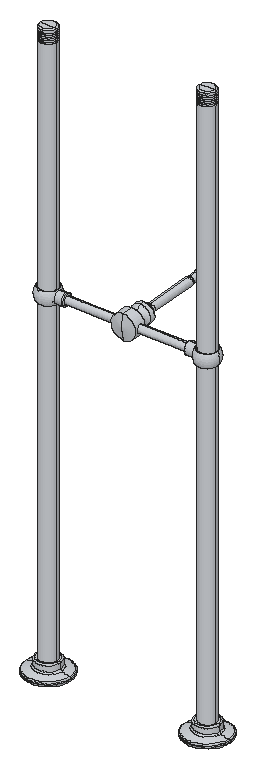
Revit family "Faucet_Riser-Floor_Mount-KOHLER-FINIAL-K-607T", category Plumbing Fixtures, host Face, Revit 2017
Family settings
  Host = Face
  Round Connector Dimension = Use Diameter
  Part Type = Normal
  OmniClass Number = 23.31.11.00
  OmniClass Title = Faucets
  Cut with Voids When Loaded = No
  Shared = No
  Room Calculation Point = No
Parameters (values of type "CP- Polished Chrome")
  Width = 10 71/256"  # constant formula
  WaterSense Certified = 1 = 0  # no
  Waste Water Outlet = "Waste Water Outlet"  # constant formula
  Waste Connection = 1 = 0  # no
  Vent Connection = 1 = 0  # no
  URL = "http://www.kohler.com.cn/"
  Type = 1
  Spout Reach = 0"
  Product Page URL = "https://www.kohler.com.cn/product/K-607T-CP/K-607T-CP/"
  Product Name = "FINIAL"  # constant formula
  Product Documentation Link = "https://files.kohler.com.cn/pdfs/607t.pdf"
  Pressure = 0.00 psi
  Model = if(Type = 1, "K-607T-CP", if(Type = 2, "K-607T-AF", if(Type = 3, "K-607T-SN", if(Type = 4, "K-607T-BN", if(Type = 5, "K-607T-R2B", "NA")))))  # "K-607T-CP"
  Material = "Premium metal Construction"  # constant formula
  Master Format 2014 Name = "Residential Faucets, Supplies, and Trim"  # constant formula
  Master Format 2014 = "22 41 39"  # constant formula
  Manufacturer Address = "Kohler Beijing Office (100016) 36-2-03-B, No. 88, Liuxiang Road, Beijing"  # constant formula
  Manufacturer = "KOHLER Co."  # constant formula
  Length = 4 123/128"  # constant formula
  Hot Water Inlet = "Hot Water Inlet"  # constant formula
  Height = 29 75/256"  # constant formula
  Handle Clearance = 0"
  HW Connection = 1 = 1  # yes
  Flow Rate = 0 GPM
  Finish = Kohler-Metal-CP-Polished_Chrome
  Faucet Hole Spacing = 0"
  Environmental Product Declaration = ""
  Drain Included = 1 = 0  # no
  Description = "Floor Stand 80cm"  # constant formula
  Default Elevation = 0"
  Declare Label = ""
  Date Modified = "12/09/2020"  # constant formula
  Date Created = "12/09/2020"  # constant formula
  Copyright = "Copyright KOHLER Co."  # constant formula
  Contact Us = "http://www.kohler.com.cn/contact/contact-us/"
  Cold Water Inlet = "Cold Water Inlet"  # constant formula
  CW Connection = 1 = 1  # yes
  Assembly Code = "D2010"
  ADA Compliant = 1 = 0  # no
Types (6): name | Type | Product Page URL | Model | Finish
  (no name) | 1 | "https://www.kohler.com.cn/product/K-607T-CP/K-607T-CP/" | "K-607T-CP" | Kohler-Metal-CP-Polished_Chrome
  CP- Polished Chrome | 1 | "https://www.kohler.com.cn/product/K-607T-CP/K-607T-CP/" | "K-607T-CP" | Kohler-Metal-CP-Polished_Chrome
  AF- Flange Gold | 2 | "https://www.kohler.com.cn/product/K-607T-CP/K-607T-AF/" | "K-607T-AF" | Kohler-Metal-AF-Flange_Gold
  SN- Champagne Gold | 3 | "https://www.kohler.com.cn/product/K-607T-CP/K-607T-SN/" | "K-607T-SN" | Kohler-Metal-SN-Champagne_Gold
  BN- Roman Silver | 4 | "https://www.kohler.com.cn/product/K-607T-CP/K-607T-BN/" | "K-607T-BN" | Kohler-Metal-BN-Roman_Silver
  R2B- Black Yaojin | 5 | "https://www.kohler.com.cn/product/K-607T-CP/K-607T-R2B/" | "K-607T-R2B" | Kohler-Metal-R2B-Black_Yaojin
Reference planes (in)
  plane 1 "Center (Front/Back)": y = 0
  plane 2: z = 0
  plane 3 "Center (Left/Right)": x = 0
  plane 4: y = 4.96094
  plane 5: x = -4.01575
  plane 6: x = 4.01575
  plane 7: y = 1.12205
  plane 8: y = -1.12174
  plane 9: x = -5.1378
  plane 10: x = -2.8937
  plane 11: x = 5.13955
  plane 12: x = 2.8937
  plane 13: z = 29.29297
  plane 14: z = 17.18245
  plane 15: through (0, 4.19865, 17.42702) normal (0, -0.0616, 0.9981)
Dimensions and locks (in)
  "Height": plane 13 to level
  "Width": plane 11 to plane 9
  locked: plane 5 to plane 6 at 8.0315
  locked: plane 14 to level at 17.18245
  plane 4 to plane 8 = 6.08268"
  "Length": plane 4 to plane 1 "Center (Front/Back)"
  aligned and locked: plane 2 to host face
  aligned and locked: level to host face
  aligned and locked: plane 3 "Center (Left/Right)" to nested 1
  aligned and locked: plane 1 "Center (Front/Back)" to nested 1
  aligned and locked: plane 5 to nested 1
  aligned and locked: plane 6 to nested 1
  aligned and locked: plane 7 to nested 1
  aligned and locked: plane 8 to nested 1
  aligned and locked: plane 9 to nested 1
  aligned and locked: plane 10 to nested 1
  aligned and locked: plane 11 to nested 1
  aligned and locked: plane 12 to nested 1
  aligned and locked: plane 13 to nested 1
  aligned and locked: plane 14 to nested 1
Automatic sketch dimensions
  host sketch curve to host sketch curve = 96"  (x2)
Nested families (in)
  nested 1: "K-607T" at (0, 0, 0.00163), type "K-607T"
Connectors (in)
  piping at (-4.01575, 0, 0.00163), diameter 0.5, driven by "Flow Rate", driven by "HW Connection", driven by "Hot Water Inlet"
    settings: on nested 1, index 1, connector inside diameter 24", connector length 0", flow factor 0, pipe flow 0 GPM, pressure drop 0.00 psi, fitting loss kfactor 0, connector angle 0.00°, fixture units 0, engagement length 0", angle of deflection 0.00°, flow configuration 0, flow direction 1, fitting loss method 0, system type 19, joint type 0, gender type 0, connector reference index -1, connector utility 1, adjustable connector no, is connector primary yes, connector description "Hot Water Inlet"
  piping at (4.01575, 0, 0.00163), diameter 0.5, driven by "Flow Rate", driven by "CW Connection", driven by "Cold Water Inlet"
    settings: on nested 1, index 2, connector inside diameter 24", connector length 0", flow factor 0, pipe flow 0 GPM, pressure drop 0.00 psi, fitting loss kfactor 0, connector angle 0.00°, fixture units 0, engagement length 0", angle of deflection 0.00°, flow configuration 0, flow direction 1, fitting loss method 0, system type 20, joint type 0, gender type 0, connector reference index -1, connector utility 1, adjustable connector no, is connector primary no, connector description "Cold Water Inlet"
Definition of nested family "K-607T"
  Parameters (values of type "K-607T")
    Material = none
  Reference planes (in)
    plane 1 "Center (Front/Back)": y = 0
    plane 2: z = 0
    plane 3 "Center (Left/Right)": x = 0
    plane 4: x = -4.01575
    plane 5: x = 4.01575
    plane 6: x = -5.1378
    plane 7: x = -2.8937
    plane 8: x = 5.1378
    plane 9: x = 2.8937
    plane 10: y = 4.96063
    plane 11 "A": z = 16.85531
    plane 12: z = 29.29134
    plane 13: z = 17.18245
    plane 14: y = -1.12205
    plane 15: y = 1.12205
    plane 16: through (0, 4.44771, 17.44239) normal (0, -0.0616, 0.9981)
  Forms (in)
    Sweep 1, solid, material <- "Material", detail levels medium+fine
      path origin (0, 0, 16.85531) x (-1, 0, 0) y (0, -1, 0)
        loop
          circle (-4.01575, 0) r 0.41057
      profile origin (4.42631, 0, 16.85531) x (-1, 0, 0) y (0, 0, 1)
        loop
          arc (-0.09459, 0.625) -> (-0.18273, 0.3125) -> (-0.09459, 0) r 0.59806
          line (-0.09459, 0) -> (-0.04043, 0) -> (-0.00943, 0.031) -> (-0.00943, 0.594) -> (-0.04043, 0.625) -> (-0.09459, 0.625)
    Revolve 2, solid, material <- "Material", detail levels medium+fine
      sketch origin (0, 0, 0) x (1, 0, 0) y (0, 0, 1)
        loop
          line (-4.42913, 0.69) -> (-4.56663, 0.69)
          arc (-4.56663, 0.69) -> (-4.60839, 0.6727) -> (-4.62568, 0.63094) r 0.05906
          line (-4.62568, 0.63094) -> (-4.62568, 0.37454)
          arc (-4.62568, 0.37454) -> (-4.64392, 0.32004) -> (-4.69128, 0.28749) r 0.09055
          line (-4.69128, 0.28749) -> (-5.10345, 0.16931)
          arc (-5.10345, 0.16931) -> (-5.12825, 0.15226) -> (-5.1378, 0.12373) r 0.04742
          line (-5.1378, 0.12373) -> (-5.1378, 0.04724)
          arc (-5.1378, 0.04724) -> (-5.12396, 0.01384) -> (-5.09055, 0) r 0.04724
          line (-5.09055, 0) -> (-4.01575, 0) -> (-4.01575, 29.29134) -> (-4.37008, 29.29134) -> (-4.42913, 29.23229) -> (-4.42913, 29.14658) -> (-4.39492, 29.14658) -> (-4.39492, 29.10638) -> (-4.42913, 29.10638) -> (-4.42913, 29.0679) -> (-4.39492, 29.0679) -> (-4.39492, 29.0277) -> (-4.42913, 29.0277) -> (-4.42913, 28.98532) -> (-4.39492, 28.98532) -> (-4.39492, 28.94512) -> (-4.42913, 28.94512) -> (-4.42913, 28.90278) -> (-4.39492, 28.90278) -> (-4.39492, 28.86258) -> (-4.42913, 28.86258) -> (-4.42913, 28.82251) -> (-4.39492, 28.82251) -> (-4.39492, 28.78231) -> (-4.42913, 28.78231) -> (-4.42913, 28.73998) -> (-4.39492, 28.73998) -> (-4.39492, 28.69978) -> (-4.42913, 28.69978) -> (-4.42913, 28.66084) -> (-4.39492, 28.66084) -> (-4.39492, 28.62064) -> (-4.42913, 28.62064) -> (-4.42913, 0.69)
        axis (-4.01575, 29.29134) -> (-4.01575, 0)
      angle from 0 to 360
    Revolve 3, solid, material <- "Material", detail levels medium+fine
      sketch origin (0, 0, 0) x (-1, 0, 0) y (0, 0, 1)
        loop
          line (-4.42913, 0.69) -> (-4.56663, 0.69)
          arc (-4.56663, 0.69) -> (-4.60839, 0.6727) -> (-4.62568, 0.63094) r 0.05906
          line (-4.62568, 0.63094) -> (-4.62568, 0.37454)
          arc (-4.62568, 0.37454) -> (-4.64392, 0.32004) -> (-4.69128, 0.28749) r 0.09055
          line (-4.69128, 0.28749) -> (-5.10345, 0.16931)
          arc (-5.10345, 0.16931) -> (-5.12825, 0.15226) -> (-5.1378, 0.12373) r 0.04742
          line (-5.1378, 0.12373) -> (-5.1378, 0.04724)
          arc (-5.1378, 0.04724) -> (-5.12396, 0.01384) -> (-5.09055, 0) r 0.04724
          line (-5.09055, 0) -> (-4.01575, 0) -> (-4.01575, 29.29134) -> (-4.37008, 29.29134) -> (-4.42913, 29.23229) -> (-4.42913, 29.14658) -> (-4.39492, 29.14658) -> (-4.39492, 29.10638) -> (-4.42913, 29.10638) -> (-4.42913, 29.0679) -> (-4.39492, 29.0679) -> (-4.39492, 29.0277) -> (-4.42913, 29.0277) -> (-4.42913, 28.98532) -> (-4.39492, 28.98532) -> (-4.39492, 28.94512) -> (-4.42913, 28.94512) -> (-4.42913, 28.90278) -> (-4.39492, 28.90278) -> (-4.39492, 28.86258) -> (-4.42913, 28.86258) -> (-4.42913, 28.82251) -> (-4.39492, 28.82251) -> (-4.39492, 28.78231) -> (-4.42913, 28.78231) -> (-4.42913, 28.73998) -> (-4.39492, 28.73998) -> (-4.39492, 28.69978) -> (-4.42913, 28.69978) -> (-4.42913, 28.66084) -> (-4.39492, 28.66084) -> (-4.39492, 28.62064) -> (-4.42913, 28.62064) -> (-4.42913, 0.69)
        axis (-4.01575, 29.29134) -> (-4.01575, 0)
      angle from 0 to 360
    Sweep 4, solid, material <- "Material", detail levels medium+fine
      path origin (0, 0, 16.85531) x (1, 0, 0) y (0, -1, 0)
        loop
          circle (-4.01575, 0) r 0.41057
      profile origin (-4.42631, 0, 16.85531) x (-1, 0, 0) y (0, 0, 1)
        loop
          line (0.09459, 0.625) -> (0.04043, 0.625) -> (0.00943, 0.594) -> (0.00943, 0.39445) -> (-0.09016, 0.39445) -> (-0.09016, 0.12863) -> (0.00943, 0.12863) -> (0.00943, 0.031) -> (0.04043, 0) -> (0.09459, 0)
          arc (0.09459, 0) -> (0.18273, 0.3125) -> (0.09459, 0.625) r 0.59806
    Revolve 5, solid, material <- "Material", detail levels medium+fine
      sketch origin (0, 0, 0) x (1, 0, 0) y (0, 0, 1)
        loop
          line (-3.07775, 17.37069) -> (-3.07775, 17.44709)
          arc (-3.07775, 17.44709) -> (-3.08697, 17.46936) -> (-3.10924, 17.47858) r 0.0315
          line (-3.10924, 17.47858) -> (-3.6731, 17.47858) -> (-3.6731, 17.18245) -> (3.6731, 17.18245) -> (3.6731, 17.47858) -> (3.10924, 17.47858)
          arc (3.10924, 17.47858) -> (3.08697, 17.46936) -> (3.07775, 17.44709) r 0.0315
          line (3.07775, 17.44709) -> (3.07775, 17.37069) -> (-3.07775, 17.37069)
        axis (-3.6731, 17.18245) -> (3.6731, 17.18245)
      angle from 0 to 360
    Revolve 6, solid, material <- "Material", detail levels medium+fine
      sketch origin (0, 0, 0) x (0, 1, 0) y (0, 0, 1)
        loop
          line (4.94676, 17.4732) -> (4.9371, 17.62972) -> (4.81234, 17.62202) -> (4.76907, 17.65963) -> (4.72137, 17.65669) -> (4.72352, 17.6218) -> (4.69129, 17.61981) -> (4.68914, 17.6547) -> (4.65094, 17.65234) -> (4.6531, 17.61745) -> (4.62087, 17.61546) -> (4.61872, 17.65035) -> (4.58483, 17.64826) -> (4.58699, 17.61337) -> (4.55476, 17.61138) -> (4.55261, 17.64627) -> (4.51828, 17.64415) -> (4.52043, 17.60926) -> (4.48821, 17.60727) -> (4.48605, 17.64216) -> (4.45504, 17.64024) -> (4.43705, 17.61507) -> (3.938, 17.58426) -> (3.82441, 17.6073) -> (1.42789, 17.45935) -> (1.31801, 17.42225) -> (1.26692, 17.4191) -> (1.26031, 17.52615) -> (1.03777, 17.72281) -> (0.79823, 17.70803)
          arc (0.79823, 17.70803) -> (0.48361, 17.55587) -> (0.23876, 17.80524) r 0.29969
          line (0.23876, 17.80524) -> (-0.30778, 17.7715) -> (-0.37928, 17.1444) -> (4.94676, 17.4732)
        axis (-0.37928, 17.1444) -> (4.94676, 17.4732)
      angle from 0 to 360
    Revolve 7, solid, material <- "Material", detail levels coarse
      sketch origin (0, 0, 0) x (0, 1, 0) y (0, 0, 1)
        loop
          line (4.94676, 17.4732) -> (4.9359, 17.64919) -> (3.97758, 17.59003) -> (3.97758, 17.66743) -> (1.28797, 17.50139) -> (1.2653, 17.86861) -> (0.23876, 17.80524) -> (-0.30778, 17.7715) -> (-0.38482, 17.14406) -> (4.94676, 17.4732)
        axis (4.94676, 17.4732) -> (-0.38482, 17.14406)
      angle from 0 to 360
    Revolve 8, solid, material <- "Material", detail levels coarse
      sketch origin (0, 0, 0) x (1, 0, 0) y (0, 0, 1)
        loop
          line (-4.01575, 0) -> (-4.01575, 29.29134) -> (-4.42051, 29.29134) -> (-4.42051, 17.53398) -> (-4.62598, 17.53398) -> (-4.62598, 16.85531) -> (-4.42051, 16.85531) -> (-4.42051, 0.68618) -> (-4.54724, 0.68618) -> (-4.54724, 0.29247) -> (-5.1378, 0.29247) -> (-5.1378, 0) -> (-4.01575, 0)
        axis (-4.01575, 0) -> (-4.01575, 29.29134)
      angle from 0 to 360
    Revolve 9, solid, material <- "Material", detail levels coarse
      sketch origin (0, 0, 0) x (1, 0, 0) y (0, 0, 1)
        loop
          line (-3.954, 17.48315) -> (-3.954, 17.18245) -> (3.93797, 17.18245) -> (3.93797, 17.45874) -> (3.07775, 17.45874) -> (3.07775, 17.37795) -> (-3.06929, 17.37795) -> (-3.06929, 17.48315) -> (-3.954, 17.48315)
        axis (3.93797, 17.18245) -> (-3.954, 17.18245)
      angle from 0 to 360
    Revolve 10, solid, material <- "Material", detail levels coarse
      sketch origin (0, 0, 0) x (-1, 0, 0) y (0, 0, 1)
        loop
          line (-4.01575, 0) -> (-4.01575, 29.29134) -> (-4.42051, 29.29134) -> (-4.42051, 17.53398) -> (-4.62598, 17.53398) -> (-4.62598, 16.85531) -> (-4.42051, 16.85531) -> (-4.42051, 0.68618) -> (-4.54724, 0.68618) -> (-4.54724, 0.29247) -> (-5.1378, 0.29247) -> (-5.1378, 0) -> (-4.01575, 0)
        axis (-4.01575, 0) -> (-4.01575, 29.29134)
      angle from 0 to 360
    Extrusion 11, solid, material <- "Material", detail levels medium+fine
      sketch origin (0, 0, 16.85531) x (-1, 0, 0) y (0, -1, 0)
        loop
          circle (4.01575, 0) r 0.35433
      from -16.85531 to -16.68853
    Extrusion 12, solid, material <- "Material", detail levels medium+fine
      sketch origin (0, 0, 16.85531) x (1, 0, 0) y (0, 1, 0)
        loop
          circle (4.01575, 0) r 0.35433
      from -16.85531 to -16.68853
  Cuts and joins
    joined: Revolve 2, Revolve 3, Revolve 5, Revolve 6
    joined: Revolve 7, Revolve 8, Revolve 9, Revolve 10
  Lines and regions (in)
    Masking region 1
      outline origin (0, 0, 0) x (1, 0, 0) y (0, 0, 1)
        loop
          line (-4.42913, 0.69) -> (-4.56663, 0.69)
          arc (-4.56663, 0.69) -> (-4.60839, 0.6727) -> (-4.62568, 0.63094) r 0.05906
          line (-4.62568, 0.63094) -> (-4.62568, 0.37454)
          arc (-4.62568, 0.37454) -> (-4.64392, 0.32004) -> (-4.69128, 0.28749) r 0.09055
          line (-4.69128, 0.28749) -> (-5.10345, 0.16931)
          arc (-5.10345, 0.16931) -> (-5.12825, 0.15226) -> (-5.1378, 0.12373) r 0.04742
          line (-5.1378, 0.12373) -> (-5.1378, 0.04724)
          arc (-5.1378, 0.04724) -> (-5.12396, 0.01384) -> (-5.09055, 0) r 0.04724
          line (-5.09055, 0) -> (-4.01575, 0) -> (-2.94094, 0)
          arc (-2.94094, 0) -> (-2.90754, 0.01384) -> (-2.8937, 0.04724) r 0.04724
          line (-2.8937, 0.04724) -> (-2.8937, 0.12373)
          arc (-2.8937, 0.12373) -> (-2.90325, 0.15226) -> (-2.92805, 0.16931) r 0.04742
          line (-2.92805, 0.16931) -> (-3.34022, 0.28749)
          arc (-3.34022, 0.28749) -> (-3.38758, 0.32004) -> (-3.40581, 0.37454) r 0.09055
          line (-3.40581, 0.37454) -> (-3.40581, 0.63094)
          arc (-3.40581, 0.63094) -> (-3.42311, 0.6727) -> (-3.46487, 0.69) r 0.05906
          line (-3.46487, 0.69) -> (-3.60237, 0.69) -> (-3.60237, 16.85531) -> (-3.10924, 16.85531)
          arc (-3.10924, 16.85531) -> (-3.08697, 16.86454) -> (-3.07775, 16.88681) r 0.0315
          line (-3.07775, 16.88681) -> (-3.07775, 16.99346) -> (-0.60301, 16.99346)
          arc (-0.60301, 16.99346) -> (-0.54773, 16.8554) -> (-0.46135, 16.73434) r 0.62375
          arc (-0.46135, 16.73434) -> (-0.00044, 16.53086) -> (0.46048, 16.73434) r 0.62375
          arc (0.46048, 16.73434) -> (0.54716, 16.85544) -> (0.60312, 16.99346) r 0.63234
          line (0.60312, 16.99346) -> (3.07775, 16.99346) -> (3.07775, 16.88681)
          arc (3.07775, 16.88681) -> (3.08697, 16.86454) -> (3.10924, 16.85531) r 0.0315
          line (3.10924, 16.85531) -> (3.60237, 16.85531) -> (3.60237, 0.69) -> (3.46487, 0.69)
          arc (3.46487, 0.69) -> (3.42311, 0.6727) -> (3.40581, 0.63094) r 0.05906
          line (3.40581, 0.63094) -> (3.40581, 0.37454)
          arc (3.40581, 0.37454) -> (3.38758, 0.32004) -> (3.34022, 0.28749) r 0.09055
          line (3.34022, 0.28749) -> (2.92805, 0.16931)
          arc (2.92805, 0.16931) -> (2.90325, 0.15226) -> (2.8937, 0.12373) r 0.04742
          line (2.8937, 0.12373) -> (2.8937, 0.04724)
          arc (2.8937, 0.04724) -> (2.90754, 0.01384) -> (2.94094, 0) r 0.04724
          line (2.94094, 0) -> (4.01575, 0) -> (5.09055, 0)
          arc (5.09055, 0) -> (5.12396, 0.01384) -> (5.1378, 0.04724) r 0.04724
          line (5.1378, 0.04724) -> (5.1378, 0.12373)
          arc (5.1378, 0.12373) -> (5.12825, 0.15226) -> (5.10345, 0.16931) r 0.04742
          line (5.10345, 0.16931) -> (4.69128, 0.28749)
          arc (4.69128, 0.28749) -> (4.64392, 0.32004) -> (4.62568, 0.37454) r 0.09055
          line (4.62568, 0.37454) -> (4.62568, 0.63094)
          arc (4.62568, 0.63094) -> (4.60839, 0.6727) -> (4.56663, 0.69) r 0.05906
          line (4.56663, 0.69) -> (4.42913, 0.69) -> (4.42913, 16.85531) -> (4.5209, 16.85531)
          arc (4.5209, 16.85531) -> (4.612, 17.16781) -> (4.5209, 17.48031) r 0.58155
          line (4.5209, 17.48031) -> (4.42913, 17.48031) -> (4.42913, 28.62064) -> (4.39492, 28.62064) -> (4.39492, 28.66084) -> (4.42913, 28.66084) -> (4.42913, 28.69978) -> (4.39492, 28.69978) -> (4.39492, 28.73998) -> (4.42913, 28.73998) -> (4.42913, 28.78231) -> (4.39492, 28.78231) -> (4.39492, 28.82251) -> (4.42913, 28.82251) -> (4.42913, 28.86258) -> (4.39492, 28.86258) -> (4.39492, 28.90278) -> (4.42913, 28.90278) -> (4.42913, 28.94512) -> (4.39492, 28.94512) -> (4.39492, 28.98532) -> (4.42913, 28.98532) -> (4.42913, 29.0277) -> (4.39492, 29.0277) -> (4.39492, 29.0679) -> (4.42913, 29.0679) -> (4.42913, 29.10638) -> (4.39492, 29.10638) -> (4.39492, 29.14658) -> (4.42913, 29.14658) -> (4.42913, 29.23229) -> (4.37008, 29.29134) -> (4.01575, 29.29134) -> (3.66142, 29.29134) -> (3.60237, 29.23229) -> (3.60237, 29.14658) -> (3.63657, 29.14658) -> (3.63657, 29.10638) -> (3.60237, 29.10638) -> (3.60237, 29.0679) -> (3.63657, 29.0679) -> (3.63657, 29.0277) -> (3.60237, 29.0277) -> (3.60237, 28.98532) -> (3.63657, 28.98532) -> (3.63657, 28.94512) -> (3.60237, 28.94512) -> (3.60237, 28.90278) -> (3.63657, 28.90278) -> (3.63657, 28.86258) -> (3.60237, 28.86258) -> (3.60237, 28.82251) -> (3.63657, 28.82251) -> (3.63657, 28.78231) -> (3.60237, 28.78231) -> (3.60237, 28.73998) -> (3.63657, 28.73998) -> (3.63657, 28.69978) -> (3.60237, 28.69978) -> (3.60237, 28.66084) -> (3.63657, 28.66084) -> (3.63657, 28.62064) -> (3.60237, 28.62064) -> (3.60237, 17.48031) -> (3.10906, 17.48031)
          arc (3.10906, 17.48031) -> (3.08692, 17.47114) -> (3.07775, 17.449) r 0.03131
          line (3.07775, 17.449) -> (3.07775, 17.37144) -> (0.59389, 17.37144)
          arc (0.59389, 17.37144) -> (0.58315, 17.4022) -> (0.57091, 17.4324) r 0.66668
          arc (0.57091, 17.4324) -> (0.4843, 17.57504) -> (0.3625, 17.68911) r 0.61427
          arc (0.3625, 17.68911) -> (0.26288, 17.74691) -> (0.15448, 17.78584) r 0.63692
          arc (0.15448, 17.78584) -> (0.07787, 17.80054) -> (0, 17.80524) r 0.60397
          arc (0, 17.80524) -> (-0.07787, 17.80054) -> (-0.15448, 17.78584) r 0.60397
          arc (-0.15448, 17.78584) -> (-0.26288, 17.74691) -> (-0.3625, 17.68911) r 0.63692
          arc (-0.3625, 17.68911) -> (-0.4843, 17.57504) -> (-0.57091, 17.4324) r 0.61427
          arc (-0.57091, 17.4324) -> (-0.58315, 17.4022) -> (-0.59389, 17.37144) r 0.66668
          line (-0.59389, 17.37144) -> (-3.07775, 17.37144) -> (-3.07775, 17.449)
          arc (-3.07775, 17.449) -> (-3.08692, 17.47114) -> (-3.10906, 17.48031) r 0.03131
          line (-3.10906, 17.48031) -> (-3.60237, 17.48031) -> (-3.60237, 28.62064) -> (-3.63657, 28.62064) -> (-3.63657, 28.66084) -> (-3.60237, 28.66084) -> (-3.60237, 28.69978) -> (-3.63657, 28.69978) -> (-3.63657, 28.73998) -> (-3.60237, 28.73998) -> (-3.60237, 28.78231) -> (-3.63657, 28.78231) -> (-3.63657, 28.82251) -> (-3.60237, 28.82251) -> (-3.60237, 28.86258) -> (-3.63657, 28.86258) -> (-3.63657, 28.90278) -> (-3.60237, 28.90278) -> (-3.60237, 28.94512) -> (-3.63657, 28.94512) -> (-3.63657, 28.98532) -> (-3.60237, 28.98532) -> (-3.60237, 29.0277) -> (-3.63657, 29.0277) -> (-3.63657, 29.0679) -> (-3.60237, 29.0679) -> (-3.60237, 29.10638) -> (-3.63657, 29.10638) -> (-3.63657, 29.14658) -> (-3.60237, 29.14658) -> (-3.60237, 29.23229) -> (-3.66142, 29.29134) -> (-4.01575, 29.29134) -> (-4.37008, 29.29134) -> (-4.42913, 29.23229) -> (-4.42913, 29.14658) -> (-4.39492, 29.14658) -> (-4.39492, 29.10638) -> (-4.42913, 29.10638) -> (-4.42913, 29.0679) -> (-4.39492, 29.0679) -> (-4.39492, 29.0277) -> (-4.42913, 29.0277) -> (-4.42913, 28.98532) -> (-4.39492, 28.98532) -> (-4.39492, 28.94512) -> (-4.42913, 28.94512) -> (-4.42913, 28.90278) -> (-4.39492, 28.90278) -> (-4.39492, 28.86258) -> (-4.42913, 28.86258) -> (-4.42913, 28.82251) -> (-4.39492, 28.82251) -> (-4.39492, 28.78231) -> (-4.42913, 28.78231) -> (-4.42913, 28.73998) -> (-4.39492, 28.73998) -> (-4.39492, 28.69978) -> (-4.42913, 28.69978) -> (-4.42913, 28.66084) -> (-4.39492, 28.66084) -> (-4.39492, 28.62064) -> (-4.42913, 28.62064) -> (-4.42913, 17.48031) -> (-4.5209, 17.48031)
          arc (-4.5209, 17.48031) -> (-4.612, 17.16781) -> (-4.5209, 16.85531) r 0.58155
          line (-4.5209, 16.85531) -> (-4.42913, 16.85531) -> (-4.42913, 0.69)
    Masking region 2
      outline origin (0, 0, 0) x (0, 1, 0) y (0, 0, 1)
        loop
          line (0, 0) -> (1.0748, 0)
          arc (1.0748, 0) -> (1.10821, 0.01384) -> (1.12205, 0.04724) r 0.04724
          line (1.12205, 0.04724) -> (1.12205, 0.125)
          arc (1.12205, 0.125) -> (1.1125, 0.15348) -> (1.08772, 0.17045) r 0.04724
          line (1.08772, 0.17045) -> (0.67602, 0.28748)
          arc (0.67602, 0.28748) -> (0.62852, 0.32) -> (0.61022, 0.37458) r 0.09055
          line (0.61022, 0.37458) -> (0.61022, 0.63488)
          arc (0.61022, 0.63488) -> (0.59408, 0.67386) -> (0.55511, 0.69) r 0.05512
          line (0.55511, 0.69) -> (0.41338, 0.69) -> (0.41338, 16.78117)
          arc (0.41338, 16.78117) -> (0.64712, 16.85213) -> (0.85862, 16.72989) r 0.30683
          line (0.85862, 16.72989) -> (1.09816, 16.74468) -> (1.29482, 16.96722) -> (1.28821, 17.07427) -> (1.3393, 17.07742) -> (1.45291, 17.05412) -> (3.84942, 17.20207) -> (3.95932, 17.23891) -> (4.45837, 17.26972) -> (4.47932, 17.24695) -> (4.51033, 17.24886) -> (4.50818, 17.28375) -> (4.5404, 17.28574) -> (4.54256, 17.25085) -> (4.57689, 17.25297) -> (4.57474, 17.28786) -> (4.60696, 17.28985) -> (4.60911, 17.25496) -> (4.643, 17.25705) -> (4.64084, 17.29194) -> (4.67307, 17.29393) -> (4.67522, 17.25904) -> (4.71342, 17.2614) -> (4.71127, 17.29629) -> (4.74349, 17.29828) -> (4.74565, 17.26339) -> (4.79335, 17.26633) -> (4.83166, 17.30898) -> (4.95643, 17.31668) -> (4.9371, 17.62972) -> (4.81234, 17.62202) -> (4.76907, 17.65963) -> (4.72137, 17.65669) -> (4.72352, 17.6218) -> (4.69129, 17.61981) -> (4.68914, 17.6547) -> (4.65094, 17.65234) -> (4.6531, 17.61745) -> (4.62087, 17.61546) -> (4.61872, 17.65035) -> (4.58483, 17.64826) -> (4.58699, 17.61337) -> (4.55476, 17.61138) -> (4.55261, 17.64627) -> (4.51828, 17.64415) -> (4.52043, 17.60926) -> (4.48821, 17.60727) -> (4.48605, 17.64216) -> (4.45504, 17.64024) -> (4.43705, 17.61507) -> (3.938, 17.58426) -> (3.82441, 17.6073) -> (1.42789, 17.45935) -> (1.31801, 17.42225) -> (1.26692, 17.4191) -> (1.26031, 17.52615) -> (1.03777, 17.72281) -> (0.79823, 17.70803)
          arc (0.79823, 17.70803) -> (0.63094, 17.56877) -> (0.41338, 17.57551) r 0.30683
          line (0.41338, 17.57551) -> (0.41338, 28.62064) -> (0.37918, 28.62064) -> (0.37918, 28.66084) -> (0.41338, 28.66084) -> (0.41338, 28.69978) -> (0.37918, 28.69978) -> (0.37918, 28.73998) -> (0.41338, 28.73998) -> (0.41338, 28.78231) -> (0.37918, 28.78231) -> (0.37918, 28.82251) -> (0.41338, 28.82251) -> (0.41338, 28.86258) -> (0.37918, 28.86258) -> (0.37918, 28.90278) -> (0.41338, 28.90278) -> (0.41338, 28.94512) -> (0.37918, 28.94512) -> (0.37918, 28.98532) -> (0.41338, 28.98532) -> (0.41338, 29.0277) -> (0.37918, 29.0277) -> (0.37918, 29.0679) -> (0.41338, 29.0679) -> (0.41338, 29.10638) -> (0.37918, 29.10638) -> (0.37918, 29.14658) -> (0.41338, 29.14658) -> (0.41338, 29.23229) -> (0.35433, 29.29134) -> (0, 29.29134) -> (-0.35433, 29.29134) -> (-0.41338, 29.23229) -> (-0.41338, 29.14658) -> (-0.37918, 29.14658) -> (-0.37918, 29.10638) -> (-0.41338, 29.10638) -> (-0.41338, 29.0679) -> (-0.37918, 29.0679) -> (-0.37918, 29.0277) -> (-0.41338, 29.0277) -> (-0.41338, 28.98532) -> (-0.37918, 28.98532) -> (-0.37918, 28.94512) -> (-0.41338, 28.94512) -> (-0.41338, 28.90278) -> (-0.37918, 28.90278) -> (-0.37918, 28.86258) -> (-0.41338, 28.86258) -> (-0.41338, 28.82251) -> (-0.37918, 28.82251) -> (-0.37918, 28.78231) -> (-0.41338, 28.78231) -> (-0.41338, 28.73998) -> (-0.37918, 28.73998) -> (-0.37918, 28.69978) -> (-0.41338, 28.69978) -> (-0.41338, 28.66084) -> (-0.37918, 28.66084) -> (-0.37918, 28.62064) -> (-0.41338, 28.62064) -> (-0.41338, 17.48031) -> (-0.50515, 17.48031)
          arc (-0.50515, 17.48031) -> (-0.59679, 17.16781) -> (-0.50515, 16.85531) r 0.57866
          line (-0.50515, 16.85531) -> (-0.41338, 16.85531) -> (-0.41338, 0.69) -> (-0.55511, 0.69)
          arc (-0.55511, 0.69) -> (-0.59408, 0.67386) -> (-0.61022, 0.63488) r 0.05512
          line (-0.61022, 0.63488) -> (-0.61022, 0.37458)
          arc (-0.61022, 0.37458) -> (-0.62852, 0.32) -> (-0.67602, 0.28748) r 0.09055
          line (-0.67602, 0.28748) -> (-1.08772, 0.17045)
          arc (-1.08772, 0.17045) -> (-1.1125, 0.15348) -> (-1.12205, 0.125) r 0.04724
          line (-1.12205, 0.125) -> (-1.12205, 0.04724)
          arc (-1.12205, 0.04724) -> (-1.10821, 0.01384) -> (-1.0748, 0) r 0.04724
          line (-1.0748, 0) -> (0, 0)
    Masking region 3
      outline origin (0, 0, 16.85531) x (-1, 0, 0) y (0, -1, 0)
        loop
          arc (2.90972, -0.1889) -> (5.1378, 0) -> (2.90972, 0.1889) r 1.12205
          line (2.90972, 0.1889) -> (0.62159, 0.1889) -> (0.62159, 0.27323)
          arc (0.62159, 0.27323) -> (0.59271, 0.28074) -> (0.5634, 0.2864) r 0.47036
          arc (0.5634, 0.2864) -> (0.28132, 0.33391) -> (0, 0.38575) r 18.59865
          arc (0, 0.38575) -> (-0.28132, 0.33391) -> (-0.5634, 0.2864) r 18.59865
          arc (-0.5634, 0.2864) -> (-0.59271, 0.28074) -> (-0.62159, 0.27323) r 0.47036
          line (-0.62159, 0.27323) -> (-0.62159, 0.1889) -> (-2.90972, 0.1889)
          arc (-2.90972, 0.1889) -> (-5.1378, 0) -> (-2.90972, -0.1889) r 1.12205
          line (-2.90972, -0.1889) -> (-0.62471, -0.1889) -> (-0.62471, -0.27406)
          arc (-0.62471, -0.27406) -> (-0.61258, -0.28427) -> (-0.59734, -0.28863) r 0.03789
          arc (-0.59734, -0.28863) -> (-0.56137, -0.29425) -> (-0.52693, -0.30604) r 0.20866
          arc (-0.52693, -0.30604) -> (-0.35179, -0.55612) -> (-0.49136, -0.82766) r 0.29551
          line (-0.49136, -0.82766) -> (-0.49136, -1.06797) -> (-0.28243, -1.2769)
          arc (-0.28243, -1.2769) -> (-0.26525, -1.28239) -> (-0.24753, -1.28581) r 0.15246
          arc (-0.24753, -1.28581) -> (-0.21039, -1.28966) -> (-0.17308, -1.29139) r 0.65756
          line (-0.17308, -1.29139) -> (-0.17308, -1.32879) -> (-0.20302, -1.44052) -> (-0.20302, -3.83717) -> (-0.17308, -3.94888) -> (-0.17308, -4.44736)
          arc (-0.17308, -4.44736) -> (-0.18536, -4.45713) -> (-0.19711, -4.46753) r 0.30282
          line (-0.19711, -4.46753) -> (-0.19711, -4.78167) -> (-0.15687, -4.82191) -> (-0.15687, -4.94672)
          arc (-0.15687, -4.94672) -> (-0.1213, -4.95221) -> (-0.08554, -4.95637) r 0.95493
          arc (-0.08554, -4.95637) -> (-0.00863, -4.96056) -> (0.06836, -4.95826) r 0.91278
          arc (0.06836, -4.95826) -> (0.08776, -4.95665) -> (0.10712, -4.95463) r 0.91278
          arc (0.10712, -4.95463) -> (0.13208, -4.95121) -> (0.15687, -4.94672) r 0.58583
          line (0.15687, -4.94672) -> (0.15687, -4.82191) -> (0.19711, -4.78167) -> (0.19711, -4.46753)
          arc (0.19711, -4.46753) -> (0.18536, -4.45713) -> (0.17308, -4.44736) r 0.30282
          line (0.17308, -4.44736) -> (0.17308, -3.94888) -> (0.20302, -3.83717) -> (0.20302, -1.44052) -> (0.17308, -1.32879) -> (0.17308, -1.29139)
          arc (0.17308, -1.29139) -> (0.21039, -1.28966) -> (0.24753, -1.28581) r 0.65756
          arc (0.24753, -1.28581) -> (0.26525, -1.28239) -> (0.28243, -1.2769) r 0.15246
          line (0.28243, -1.2769) -> (0.49136, -1.06797) -> (0.49136, -0.82798)
          arc (0.49136, -0.82798) -> (0.47116, -0.81409) -> (0.45209, -0.79867) r 0.31704
          arc (0.45209, -0.79867) -> (0.35446, -0.53184) -> (0.52693, -0.30604) r 0.29551
          arc (0.52693, -0.30604) -> (0.56137, -0.29425) -> (0.59734, -0.28863) r 0.20866
          arc (0.59734, -0.28863) -> (0.61258, -0.28427) -> (0.62471, -0.27406) r 0.03789
          line (0.62471, -0.27406) -> (0.62471, -0.1889) -> (2.90972, -0.1889)
    symbolic lines, detail levels medium+fine
      curve 1: line (-4.39492, 0, 29.14658) -> (-3.63657, 0, 29.14658)
      curve 2: line (-4.39492, 0, 29.10638) -> (-3.63657, 0, 29.10638)
      curve 3: line (-4.39492, 0, 29.0679) -> (-3.63657, 0, 29.0679)
      curve 4: line (-4.39492, 0, 28.98532) -> (-3.63657, 0, 28.98532)
      curve 5: line (-4.39492, 0, 29.0277) -> (-3.63657, 0, 29.0277)
      curve 6: line (-4.39492, 0, 28.94512) -> (-3.63657, 0, 28.94512)
      curve 7: line (-4.39492, 0, 28.90278) -> (-3.63657, 0, 28.90278)
      curve 8: line (-4.39492, 0, 28.86258) -> (-3.63657, 0, 28.86258)
      curve 9: line (-4.39492, 0, 28.82251) -> (-3.63657, 0, 28.82251)
      curve 10: line (-4.39492, 0, 28.78231) -> (-3.63657, 0, 28.78231)
      curve 11: line (-4.39492, 0, 28.73998) -> (-3.63657, 0, 28.73998)
      curve 12: line (-4.39492, 0, 28.69978) -> (-3.63657, 0, 28.69978)
      curve 13: line (-4.39492, 0, 28.66084) -> (-3.63657, 0, 28.66084)
      curve 14: line (-4.39492, 0, 28.62064) -> (-3.63657, 0, 28.62064)
      curve 15: line (-4.42913, 0, 0.69) -> (-3.60237, 0, 0.69)
      curve 16: line (-5.1378, 0, 0.12373) -> (-2.8937, 0, 0.12373)
      curve 17: line (-2.8937, 0, 0.04724) -> (-5.1378, 0, 0.04724)
      curve 18: line (-4.69128, 0, 0.28749) -> (-3.34022, 0, 0.28749)
      curve 19: line (-4.62568, 0, 0.37454) -> (-3.40581, 0, 0.37454)
      curve 20: arc (-0.33433, 0, 17.67647) -> (0.0286, 0, 17.77066) -> (0.3797, 0, 17.63905) r 0.62177
      curve 21: arc (-0.53109, 0, 17.47177) -> (-0.44531, 0, 17.58623) -> (-0.33433, 0, 17.67647) r 0.58545
      curve 22: arc (-0.62288, 0, 17.18245) -> (-0.59249, 0, 17.33203) -> (-0.53109, 0, 17.47177) r 0.71622
      curve 23: arc (0.3797, 0, 17.63905) -> (0.49445, 0, 17.52276) -> (0.57627, 0, 17.38135) r 0.64438
      curve 24: arc (0.57627, 0, 17.38135) -> (0.60768, 0, 17.28386) -> (0.62199, 0, 17.18245) r 0.59807
      curve 25: line (-4.42913, 0, 17.48031) -> (-3.60237, 0, 17.48031)
      curve 26: line (-4.42913, 0, 16.85531) -> (-3.60237, 0, 16.85531)
      curve 27: line (-3.07775, 0, 17.37069) -> (-3.07775, 0, 16.9942)
      curve 28: arc (-0.60301, 0, 16.99346) -> (-0.62287, 0, 17.18304) -> (-0.59389, 0, 17.37144) r 0.74389
      curve 29: arc (0.59389, 0, 17.37144) -> (0.62198, 0, 17.18302) -> (0.60312, 0, 16.99346) r 0.77291
      curve 30: line (4.39492, 0, 29.14658) -> (3.63657, 0, 29.14658)
      curve 31: line (4.39492, 0, 29.10638) -> (3.63657, 0, 29.10638)
      curve 32: line (4.39492, 0, 29.0679) -> (3.63657, 0, 29.0679)
      curve 33: line (4.39492, 0, 28.98532) -> (3.63657, 0, 28.98532)
      curve 34: line (4.39492, 0, 29.0277) -> (3.63657, 0, 29.0277)
      curve 35: line (4.39492, 0, 28.94512) -> (3.63657, 0, 28.94512)
      curve 36: line (4.39492, 0, 28.90278) -> (3.63657, 0, 28.90278)
      curve 37: line (4.39492, 0, 28.86258) -> (3.63657, 0, 28.86258)
      curve 38: line (4.39492, 0, 28.82251) -> (3.63657, 0, 28.82251)
      curve 39: line (4.39492, 0, 28.78231) -> (3.63657, 0, 28.78231)
      curve 40: line (4.39492, 0, 28.73998) -> (3.63657, 0, 28.73998)
      curve 41: line (4.39492, 0, 28.69978) -> (3.63657, 0, 28.69978)
      curve 42: line (4.39492, 0, 28.66084) -> (3.63657, 0, 28.66084)
      curve 43: line (4.39492, 0, 28.62064) -> (3.63657, 0, 28.62064)
      curve 44: line (4.42913, 0, 0.69) -> (3.60237, 0, 0.69)
      curve 45: line (5.1378, 0, 0.12373) -> (2.8937, 0, 0.12373)
      curve 46: line (2.8937, 0, 0.04724) -> (5.1378, 0, 0.04724)
      curve 47: line (4.69128, 0, 0.28749) -> (3.34022, 0, 0.28749)
      curve 48: line (4.62568, 0, 0.37454) -> (3.40581, 0, 0.37454)
      curve 49: line (4.42913, 0, 17.48031) -> (3.60237, 0, 17.48031)
      curve 50: line (4.42913, 0, 16.85531) -> (3.60237, 0, 16.85531)
      curve 51: line (3.07775, 0, 17.37069) -> (3.07775, 0, 16.9942)
      curve 52: circle (0, 0, 17.18245) r 0.05242 normal (0, -1, 0)
      curve 53: line (0, 0.37918, 29.14658) -> (0, -0.37918, 29.14658)
      curve 54: line (0, 0.37918, 29.10638) -> (0, -0.37918, 29.10638)
      curve 55: line (0, 0.37918, 29.0679) -> (0, -0.37918, 29.0679)
      curve 56: line (0, 0.37918, 29.0277) -> (0, -0.37918, 29.0277)
      curve 57: line (0, 0.37918, 28.98532) -> (0, -0.37918, 28.98532)
      curve 58: line (0, 0.37918, 28.94512) -> (0, -0.37918, 28.94512)
      curve 59: line (0, 0.37918, 28.90278) -> (0, -0.37918, 28.90278)
      curve 60: line (0, 0.37918, 28.86258) -> (0, -0.37918, 28.86258)
      curve 61: line (0, 0.37918, 28.82251) -> (0, -0.37918, 28.82251)
      curve 62: line (0, 0.37918, 28.78231) -> (0, -0.37918, 28.78231)
      curve 63: line (0, 0.41338, 29.23229) -> (0, -0.41338, 29.23229)
      curve 64: line (0, 0.37918, 28.73998) -> (0, -0.37918, 28.73998)
      curve 65: line (0, 0.37918, 28.69978) -> (0, -0.37918, 28.69978)
      curve 66: line (0, 0.37918, 28.66084) -> (0, -0.37918, 28.66084)
      curve 67: line (0, 0.37918, 28.62064) -> (0, -0.37918, 28.62064)
      curve 68: line (0, 0.41338, 0.69) -> (0, -0.41338, 0.69)
      curve 69: line (0, 1.12205, 0.125) -> (0, -1.12205, 0.125)
      curve 70: line (0, 1.12205, 0.04724) -> (0, -1.12205, 0.04724)
      curve 71: line (0, 0.67602, 0.28748) -> (0, -0.67602, 0.28748)
      curve 72: line (0, -0.61022, 0.37458) -> (0, 0.61022, 0.37458)
      curve 73: line (0, 4.81234, 17.62202) -> (0, 4.83166, 17.30898)
      curve 74: line (0, 4.43705, 17.61507) -> (0, 4.45837, 17.26972)
      curve 75: line (0, 4.48821, 17.60727) -> (0, 4.50818, 17.28375)
      curve 76: line (0, 4.52043, 17.60926) -> (0, 4.5404, 17.28574)
      curve 77: line (0, 4.55476, 17.61138) -> (0, 4.57474, 17.28786)
      curve 78: line (0, 4.58699, 17.61337) -> (0, 4.60696, 17.28985)
      curve 79: line (0, 4.62087, 17.61546) -> (0, 4.64084, 17.29194)
      curve 80: line (0, 4.6531, 17.61745) -> (0, 4.67307, 17.29393)
      curve 81: line (0, 4.69129, 17.61981) -> (0, 4.71127, 17.29629)
      curve 82: line (0, 4.72352, 17.6218) -> (0, 4.74349, 17.29828)
      curve 83: line (0, 4.76907, 17.65963) -> (0, 4.79335, 17.26633)
      curve 84: line (0, 3.938, 17.58426) -> (0, 3.95932, 17.23891)
      curve 85: line (0, 3.82441, 17.6073) -> (0, 3.84942, 17.20207)
      curve 86: line (0, 1.26692, 17.4191) -> (0, 1.28821, 17.07427)
      curve 87: line (0, 1.31801, 17.42225) -> (0, 1.3393, 17.07742)
      curve 88: line (0, 1.42789, 17.45935) -> (0, 1.45291, 17.05412)
      curve 89: line (0, 0.79823, 17.70803) -> (0, 0.85862, 16.72989)
      curve 90: line (0, 1.03777, 17.72281) -> (0, 1.09816, 16.74468)
      curve 91: line (0, -0.41338, 17.48031) -> (0, 0.50515, 17.48031)
      curve 92: line (0, -0.50515, 16.85531) -> (0, 0.50515, 16.85531)
      curve 93: arc (0, 0.50515, 17.48031) -> (0, 0.59507, 17.16781) -> (0, 0.50515, 16.85531) r 0.58798
      curve 94: line (0, 0.41338, 17.57551) -> (0, 0.41338, 17.48031)
      curve 95: line (0, 0.41338, 16.78117) -> (0, 0.41338, 16.85531)
      curve 96: circle (-4.01575, 0, 16.85531) r 0.32041 normal (0, 0, 1)
      curve 97: circle (-4.01575, 0, 16.85531) r 0.35433 normal (0, 0, 1)
      curve 98: circle (-4.01575, 0, 16.85531) r 0.37918 normal (0, 0, 1)
      curve 99: circle (-4.01575, 0, 16.85531) r 0.41338 normal (0, 0, 1)
      curve 100: arc (-3.45766, 0.29409, 16.85531) -> (-4.64658, 0, 16.85531) -> (-3.45766, -0.29409, 16.85531) r 0.63083
      curve 101: arc (-3.64696, 0.25961, 16.85531) -> (-4.46674, 0.00244, 16.85531) -> (-3.6498, -0.26359, 16.85531) r 0.451
      curve 102: line (-3.45766, 0.29409, 16.85531) -> (-3.12893, 0.29409, 16.85531)
      curve 103: line (-3.45766, -0.29409, 16.85531) -> (-3.12893, -0.29409, 16.85531)
      curve 104: line (-3.07775, 0.24291, 16.85531) -> (-3.07775, -0.24291, 16.85531)
      curve 105: arc (-3.12893, 0.29409, 16.85531) -> (-3.09274, 0.2791, 16.85531) -> (-3.07775, 0.24291, 16.85531) r 0.05118
      curve 106: arc (-3.07775, -0.24291, 16.85531) -> (-3.09274, -0.2791, 16.85531) -> (-3.12893, -0.29409, 16.85531) r 0.05118
      curve 107: line (-3.59138, 0.19911, 16.85531) -> (-3.41801, 0.05363, 16.85531)
      curve 108: line (-3.58473, -0.19353, 16.85531) -> (-3.41801, -0.05363, 16.85531)
      curve 109: arc (-3.59138, 0.19911, 16.85531) -> (-3.62114, 0.22756, 16.85531) -> (-3.64696, 0.25961, 16.85531) r 0.31779
      curve 110: arc (-3.6498, -0.26359, 16.85531) -> (-3.61944, -0.22653, 16.85531) -> (-3.58473, -0.19353, 16.85531) r 0.38584
      curve 111: arc (-3.41801, 0.05363, 16.85531) -> (-3.393, 0, 16.85531) -> (-3.41801, -0.05363, 16.85531) r 0.07001
      curve 112: line (-2.90972, 0.1889, 16.85531) -> (-3.07775, 0.1889, 16.85531)
      curve 113: line (-2.90972, -0.1889, 16.85531) -> (-3.07775, -0.1889, 16.85531)
      curve 114: circle (4.01575, 0, 16.85531) r 0.32041 normal (0, 0, -1)
      curve 115: circle (4.01575, 0, 16.85531) r 0.35433 normal (0, 0, -1)
      curve 116: circle (4.01575, 0, 16.85531) r 0.37918 normal (0, 0, -1)
      curve 117: circle (4.01575, 0, 16.85531) r 0.41338 normal (0, 0, -1)
      curve 118: arc (3.45766, 0.29409, 16.85531) -> (4.64658, 0, 16.85531) -> (3.45766, -0.29409, 16.85531) r 0.63083
      curve 119: arc (3.64696, 0.25961, 16.85531) -> (4.46674, 0.00244, 16.85531) -> (3.6498, -0.26359, 16.85531) r 0.451
      curve 120: line (3.45766, 0.29409, 16.85531) -> (3.12893, 0.29409, 16.85531)
      curve 121: line (3.45766, -0.29409, 16.85531) -> (3.12893, -0.29409, 16.85531)
      curve 122: line (3.07775, 0.24291, 16.85531) -> (3.07775, -0.24291, 16.85531)
      curve 123: arc (3.12893, 0.29409, 16.85531) -> (3.09274, 0.2791, 16.85531) -> (3.07775, 0.24291, 16.85531) r 0.05118
      curve 124: arc (3.07775, -0.24291, 16.85531) -> (3.09274, -0.2791, 16.85531) -> (3.12893, -0.29409, 16.85531) r 0.05118
      curve 125: line (3.59138, 0.19911, 16.85531) -> (3.41801, 0.05363, 16.85531)
      curve 126: line (3.58473, -0.19353, 16.85531) -> (3.41801, -0.05363, 16.85531)
      curve 127: arc (3.59138, 0.19911, 16.85531) -> (3.62114, 0.22756, 16.85531) -> (3.64696, 0.25961, 16.85531) r 0.31779
      curve 128: arc (3.6498, -0.26359, 16.85531) -> (3.61944, -0.22653, 16.85531) -> (3.58473, -0.19353, 16.85531) r 0.38584
      curve 129: arc (3.41801, 0.05363, 16.85531) -> (3.393, 0, 16.85531) -> (3.41801, -0.05363, 16.85531) r 0.07001
      curve 130: line (2.90972, 0.1889, 16.85531) -> (3.07775, 0.1889, 16.85531)
      curve 131: line (2.90972, -0.1889, 16.85531) -> (3.07775, -0.1889, 16.85531)
      curve 132: line (-0.17308, 1.29139, 16.85531) -> (0.17308, 1.29139, 16.85531)
      curve 133: arc (-0.29602, 0.24275, 16.85531) -> (-0.01969, 0.23874, 16.85531) -> (0.25663, 0.24275, 16.85531) r 9.52353
      curve 134: arc (0.25663, 0.24275, 16.85531) -> (0.41648, 0.24993, 16.85531) -> (0.57602, 0.26218, 16.85531) r 5.04191
      curve 135: arc (0.57602, 0.26218, 16.85531) -> (0.6008, 0.26633, 16.85531) -> (0.62471, 0.27406, 16.85531) r 0.17123
      curve 136: arc (-0.57675, 0.26175, 16.85531) -> (-0.43657, 0.24955, 16.85531) -> (-0.29602, 0.24275, 16.85531) r 3.64907
      curve 137: arc (-0.62471, 0.27406, 16.85531) -> (-0.60117, 0.26616, 16.85531) -> (-0.57675, 0.26175, 16.85531) r 0.17123
      curve 138: arc (-0.19335, 0.79956, 16.85531) -> (-0.00875, 0.7941, 16.85531) -> (0.17585, 0.79956, 16.85531) r 3.12603
      curve 139: arc (0.17585, 0.79956, 16.85531) -> (0.33381, 0.81126, 16.85531) -> (0.49136, 0.82766, 16.85531) r 5.32634
      curve 140: arc (-0.49136, 0.82798, 16.85531) -> (-0.34261, 0.81109, 16.85531) -> (-0.19335, 0.79956, 16.85531) r 4.15842
      curve 141: arc (-0.29065, 1.04492, 16.85531) -> (0.00463, 1.03777, 16.85531) -> (0.29991, 1.04492, 16.85531) r 6.10639
      curve 142: arc (0.29991, 1.04492, 16.85531) -> (0.39605, 1.05302, 16.85531) -> (0.49136, 1.06797, 16.85531) r 1.35034
      curve 143: arc (-0.49136, 1.06797, 16.85531) -> (-0.39138, 1.05313, 16.85531) -> (-0.29065, 1.04492, 16.85531) r 1.53205
      curve 144: arc (-0.21858, 1.26785, 16.85531) -> (0.00077, 1.26031, 16.85531) -> (0.22011, 1.26785, 16.85531) r 3.19488
      curve 145: arc (0.22011, 1.26785, 16.85531) -> (0.25144, 1.2712, 16.85531) -> (0.28243, 1.2769, 16.85531) r 0.41741
      curve 146: arc (-0.28243, 1.2769, 16.85531) -> (-0.25067, 1.27123, 16.85531) -> (-0.21858, 1.26785, 16.85531) r 0.44771
      curve 147: arc (-0.1321, 1.27132, 16.85531) -> (0.00263, 1.26692, 16.85531) -> (0.13736, 1.27132, 16.85531) r 2.06455
      curve 148: arc (-0.17116, 1.27594, 16.85531) -> (-0.15169, 1.27312, 16.85531) -> (-0.1321, 1.27132, 16.85531) r 0.376
      curve 149: arc (-0.17308, 1.29139, 16.85531) -> (-0.17786, 1.28295, 16.85531) -> (-0.17116, 1.27594, 16.85531) r 0.00813
      curve 150: arc (0.13736, 1.27132, 16.85531) -> (0.15344, 1.27298, 16.85531) -> (0.16936, 1.27584, 16.85531) r 0.21598
      curve 151: arc (0.16936, 1.27584, 16.85531) -> (0.1761, 1.28245, 16.85531) -> (0.17308, 1.29139, 16.85531) r 0.00888
      curve 152: arc (-0.17308, 1.32879, 16.85531) -> (0, 1.31801, 16.85531) -> (0.17308, 1.32879, 16.85531) r 1.39482
      curve 153: arc (-0.20302, 1.44052, 16.85531) -> (0, 1.42789, 16.85531) -> (0.20302, 1.44052, 16.85531) r 1.63821
      curve 154: arc (-0.17308, 3.94888, 16.85531) -> (0, 3.938, 16.85531) -> (0.17308, 3.94888, 16.85531) r 1.3824
      curve 155: arc (-0.20302, 3.83717, 16.85531) -> (0, 3.82441, 16.85531) -> (0.20302, 3.83717, 16.85531) r 1.62092
      curve 156: arc (-0.15687, 4.82191, 16.85531) -> (0, 4.81234, 16.85531) -> (0.15687, 4.82191, 16.85531) r 1.29072
      curve 157: arc (0.15687, 4.94672, 16.85531) -> (0, 4.9371, 16.85531) -> (-0.15687, 4.94672, 16.85531) r 1.28426
      curve 158: arc (-0.19711, 4.78167, 16.85531) -> (-0.17479, 4.77897, 16.85531) -> (-0.15243, 4.77659, 16.85531) r 1.54841
      curve 159: arc (-0.19711, 4.73107, 16.85531) -> (-0.17478, 4.72899, 16.85531) -> (-0.15243, 4.72717, 16.85531) r 2.00579
      curve 160: arc (0.19711, 4.7013, 16.85531) -> (0.17518, 4.69874, 16.85531) -> (0.15322, 4.69648, 16.85531) r 1.60344
      curve 161: arc (-0.19711, 4.66032, 16.85531) -> (-0.17518, 4.65835, 16.85531) -> (-0.15322, 4.65661, 16.85531) r 2.07585
      curve 162: arc (-0.19711, 4.63094, 16.85531) -> (-0.17444, 4.62828, 16.85531) -> (-0.15173, 4.62595, 16.85531) r 1.59565
      curve 163: arc (-0.19711, 4.59305, 16.85531) -> (-0.17443, 4.59127, 16.85531) -> (-0.15173, 4.5897, 16.85531) r 2.36786
      curve 164: arc (-0.19711, 4.56012, 16.85531) -> (-0.17469, 4.55851, 16.85531) -> (-0.15225, 4.55709, 16.85531) r 2.59001
      curve 165: arc (-0.17308, 4.44736, 16.85531) -> (0, 4.43705, 16.85531) -> (0.17308, 4.44736, 16.85531) r 1.45814
      curve 166: arc (-0.19711, 4.46753, 16.85531) -> (-0.18078, 4.46554, 16.85531) -> (-0.16442, 4.46372, 16.85531) r 1.56242
      curve 167: arc (-0.19711, 4.49635, 16.85531) -> (-0.17416, 4.49408, 16.85531) -> (-0.15119, 4.4921, 16.85531) r 1.89238
      curve 168: arc (-0.19711, 4.53003, 16.85531) -> (-0.1747, 4.5275, 16.85531) -> (-0.15225, 4.52528, 16.85531) r 1.65852
      curve 169: line (-0.15243, 4.77659, 16.85531) -> (-0.15243, 4.72717, 16.85531)
      curve 170: line (-0.15322, 4.69648, 16.85531) -> (-0.15322, 4.65661, 16.85531)
      curve 171: line (-0.15173, 4.62595, 16.85531) -> (-0.15173, 4.5897, 16.85531)
      curve 172: line (-0.15225, 4.55709, 16.85531) -> (-0.15225, 4.52528, 16.85531)
      curve 173: line (-0.15119, 4.4921, 16.85531) -> (-0.16442, 4.46372, 16.85531)
      curve 174: arc (-0.15119, 4.4921, 16.85531) -> (0, 4.48605, 16.85531) -> (0.15119, 4.4921, 16.85531) r 1.89238
      curve 175: arc (-0.16442, 4.46372, 16.85531) -> (0, 4.45504, 16.85531) -> (0.16442, 4.46372, 16.85531) r 1.56242
      curve 176: arc (-0.15225, 4.52528, 16.85531) -> (0, 4.51828, 16.85531) -> (0.15225, 4.52528, 16.85531) r 1.65852
      curve 177: arc (-0.15225, 4.55709, 16.85531) -> (0, 4.55261, 16.85531) -> (0.15225, 4.55709, 16.85531) r 2.59001
      curve 178: arc (-0.15173, 4.5897, 16.85531) -> (0, 4.58483, 16.85531) -> (0.15173, 4.5897, 16.85531) r 2.36786
      curve 179: arc (-0.15173, 4.62595, 16.85531) -> (0, 4.61872, 16.85531) -> (0.15173, 4.62595, 16.85531) r 1.59565
      curve 180: arc (-0.15322, 4.65661, 16.85531) -> (0, 4.65094, 16.85531) -> (0.15322, 4.65661, 16.85531) r 2.07585
      curve 181: arc (-0.15322, 4.69648, 16.85531) -> (-0.17518, 4.69874, 16.85531) -> (-0.19711, 4.7013, 16.85531) r 1.60344
      curve 182: arc (-0.15243, 4.72717, 16.85531) -> (0, 4.72137, 16.85531) -> (0.15243, 4.72717, 16.85531) r 2.00579
      curve 183: arc (-0.15243, 4.77659, 16.85531) -> (0, 4.76907, 16.85531) -> (0.15243, 4.77659, 16.85531) r 1.54841
      curve 184: line (0.15243, 4.77659, 16.85531) -> (0.15243, 4.74116, 16.85531)
      curve 185: line (0.15322, 4.69648, 16.85531) -> (0.15322, 4.6707, 16.85531)
      curve 186: line (0.15173, 4.62595, 16.85531) -> (0.15173, 4.60519, 16.85531)
      curve 187: line (0.15225, 4.55709, 16.85531) -> (0.15225, 4.53849, 16.85531)
      curve 188: line (0.15119, 4.4921, 16.85531) -> (0.15974, 4.47377, 16.85531)
      curve 189: arc (-0.15243, 4.74086, 16.85531) -> (-0.17298, 4.73922, 16.85531) -> (-0.19332, 4.73584, 16.85531) r 0.24339
      curve 190: arc (-0.19332, 4.73584, 16.85531) -> (-0.19608, 4.73414, 16.85531) -> (-0.19711, 4.73107, 16.85531) r 0.00477
      curve 191: arc (-0.15322, 4.67085, 16.85531) -> (-0.1733, 4.66932, 16.85531) -> (-0.19301, 4.66525, 16.85531) r 0.15848
      curve 192: arc (-0.19301, 4.66525, 16.85531) -> (-0.19584, 4.66343, 16.85531) -> (-0.19711, 4.66032, 16.85531) r 0.00559
      curve 193: arc (-0.15173, 4.60421, 16.85531) -> (-0.17142, 4.60306, 16.85531) -> (-0.19092, 4.6001, 16.85531) r 0.21304
      curve 194: arc (-0.19092, 4.6001, 16.85531) -> (-0.19521, 4.59762, 16.85531) -> (-0.19711, 4.59305, 16.85531) r 0.00773
      curve 195: arc (-0.15225, 4.53822, 16.85531) -> (-0.16976, 4.53697, 16.85531) -> (-0.18711, 4.53434, 16.85531) r 0.22044
      curve 196: arc (-0.18711, 4.53434, 16.85531) -> (-0.19235, 4.53273, 16.85531) -> (-0.19711, 4.53003, 16.85531) r 0.02534
      curve 197: arc (-0.15932, 4.47466, 16.85531) -> (-0.17865, 4.47338, 16.85531) -> (-0.19711, 4.46753, 16.85531) r 0.08049
      curve 198: arc (0.15243, 4.74116, 16.85531) -> (0.17104, 4.74022, 16.85531) -> (0.18931, 4.73663, 16.85531) r 0.12929
      curve 199: arc (0.18931, 4.73663, 16.85531) -> (0.19371, 4.73454, 16.85531) -> (0.19711, 4.73107, 16.85531) r 0.01387
      curve 200: arc (0.15322, 4.6707, 16.85531) -> (0.17203, 4.66948, 16.85531) -> (0.19057, 4.66612, 16.85531) r 0.16486
      curve 201: arc (0.19057, 4.66612, 16.85531) -> (0.19456, 4.66403, 16.85531) -> (0.19711, 4.66032, 16.85531) r 0.00931
      curve 202: arc (0.15173, 4.60519, 16.85531) -> (0.17041, 4.60359, 16.85531) -> (0.1888, 4.59998, 16.85531) r 0.17255
      curve 203: arc (0.1888, 4.59998, 16.85531) -> (0.19374, 4.59746, 16.85531) -> (0.19711, 4.59305, 16.85531) r 0.01254
      curve 204: arc (0.15225, 4.53849, 16.85531) -> (0.17106, 4.5366, 16.85531) -> (0.18977, 4.53389, 16.85531) r 0.43548
      curve 205: arc (0.18977, 4.53389, 16.85531) -> (0.19375, 4.53255, 16.85531) -> (0.19711, 4.53003, 16.85531) r 0.01326
      curve 206: arc (0.15974, 4.47377, 16.85531) -> (0.17877, 4.47275, 16.85531) -> (0.19711, 4.46753, 16.85531) r 0.0852
      curve 207: arc (0.15119, 4.4921, 16.85531) -> (0.17416, 4.49408, 16.85531) -> (0.19711, 4.49635, 16.85531) r 1.89238
      curve 208: arc (0.15225, 4.52528, 16.85531) -> (0.1747, 4.5275, 16.85531) -> (0.19711, 4.53003, 16.85531) r 1.65852
      curve 209: arc (0.15225, 4.55709, 16.85531) -> (0.17469, 4.55851, 16.85531) -> (0.19711, 4.56012, 16.85531) r 2.59001
      curve 210: line (0.15974, 4.47377, 16.85531) -> (0.16442, 4.46372, 16.85531)
      curve 211: arc (0.16442, 4.46372, 16.85531) -> (0.18078, 4.46554, 16.85531) -> (0.19711, 4.46753, 16.85531) r 1.56242
      curve 212: line (0.15225, 4.53849, 16.85531) -> (0.15225, 4.52528, 16.85531)
      curve 213: arc (0.15173, 4.5897, 16.85531) -> (0.17443, 4.59127, 16.85531) -> (0.19711, 4.59305, 16.85531) r 2.36786
      curve 214: arc (0.15173, 4.62595, 16.85531) -> (0.17444, 4.62828, 16.85531) -> (0.19711, 4.63094, 16.85531) r 1.59565
      curve 215: arc (0.15322, 4.65661, 16.85531) -> (0.17518, 4.65835, 16.85531) -> (0.19711, 4.66032, 16.85531) r 2.07585
      curve 216: arc (0.15322, 4.69648, 16.85531) -> (0, 4.68914, 16.85531) -> (-0.15322, 4.69648, 16.85531) r 1.60344
      curve 217: line (0.15322, 4.6707, 16.85531) -> (0.15322, 4.65661, 16.85531)
      curve 218: line (0.15173, 4.60519, 16.85531) -> (0.15173, 4.5897, 16.85531)
      curve 219: arc (0.15243, 4.72717, 16.85531) -> (0.17478, 4.72899, 16.85531) -> (0.19711, 4.73107, 16.85531) r 2.00579
      curve 220: line (0.15243, 4.74116, 16.85531) -> (0.15243, 4.72717, 16.85531)
      curve 221: arc (0.15243, 4.77659, 16.85531) -> (0.17479, 4.77897, 16.85531) -> (0.19711, 4.78167, 16.85531) r 1.54841
      curve 222: arc (-0.62159, -0.1889, 16.85531) -> (-0.58772, -0.01229, 16.85531) -> (-0.61377, 0.16564, 16.85531) r 0.53946
      curve 223: arc (-0.61377, 0.16564, 16.85531) -> (-0.6185, 0.17762, 16.85531) -> (-0.62471, 0.1889, 16.85531) r 0.10173
      curve 224: arc (0.62159, -0.1889, 16.85531) -> (0.58574, -0.02577, 16.85531) -> (0.60435, 0.1402, 16.85531) r 0.51153
      curve 225: arc (0.60435, 0.1402, 16.85531) -> (0.61306, 0.16516, 16.85531) -> (0.62471, 0.1889, 16.85531) r 0.21969
      curve 226: line (-4.42913, 0, 29.23229) -> (-3.60237, 0, 29.23229)
      curve 227: line (3.60237, 0, 29.23229) -> (4.42913, 0, 29.23229)
  Dimensions and locks (in)
    locked: plane 4 to plane 5 at 8.0315
    locked: plane 10 to plane 1 "Center (Front/Back)" at 4.96063
    locked: plane 7 to plane 6 at 2.24409
    locked: plane 8 to plane 9 at 2.24409
    locked: plane 8 to plane 6 at 10.27559
    aligned and locked: plane 2 to level
